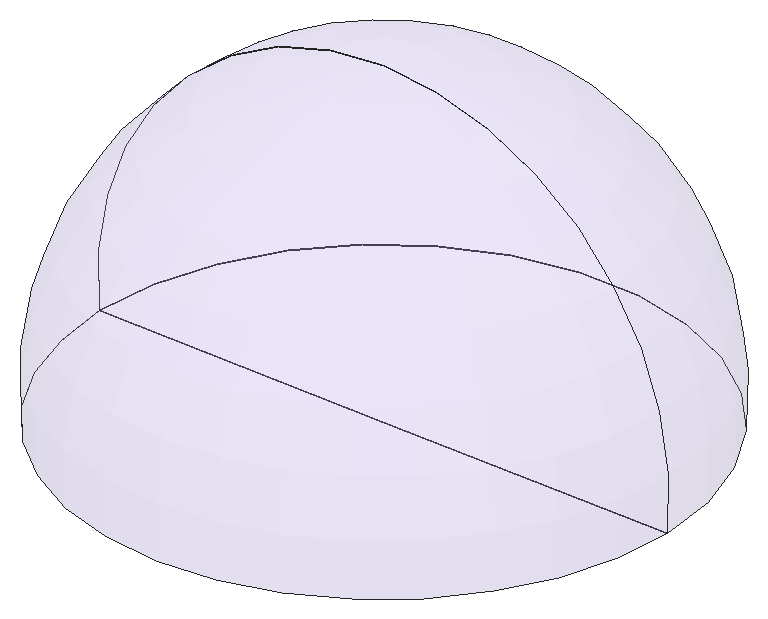
Revit family
Parameters
  반지름 [instance] = 4250 mm
  매스 재료 [instance] = 기본 매스
  높이 [instance] = 4750 mm
  Default Elevation = 1219.2 mm
Reference planes
  plane 1 "중심(앞/뒤)": y = 12.955
  plane 2: z = 0
  plane 3 "중심(왼쪽/오른쪽)": x = -30.261
  plane 4: z = 500
  plane 5: z = 4750
  plane 6: y = 4262.955
  plane 7: x = -4280.261
  plane 8: y = -4237.045
  plane 9: x = 4219.739
Forms (mm)
  Revolve 1, solid, material "기본 매스" <- "매스 재료"
    sketch origin (0, 12.955, 0) x (1, 0, 0) y (0, 0, 1)
      loop
        line (-30.261, 0) -> (-30.261, 4750)
        arc (-30.261, 4750) -> (-3207.327, 3322.897) -> (-4250.747, 0) r 4250
        line (-4250.747, 0) -> (-30.261, 0)
      axis (-30.261, 0) -> (-30.261, 4750)
    angle from 0 to 360
Dimensions and locks
  "반지름": plane 5 to plane 4
  "반지름": plane 6 to plane 1 "중심(앞/뒤)"
  "반지름": plane 3 "중심(왼쪽/오른쪽)" to plane 9
  "반지름": plane 7 to plane 3 "중심(왼쪽/오른쪽)"
  "반지름": plane 8 to plane 1 "중심(앞/뒤)"
  "높이": plane 5 to plane 2
  locked: plane 2 to level
  "반지름": radius of Revolve 1 sketch curve
  aligned and locked: plane 5 to Revolve 1 sketch curve
  aligned and locked: plane 2 to Revolve 1 sketch curve
Automatic sketch dimensions
  Revolve 1 sketch curve to plane 3 "중심(왼쪽/오른쪽)" = 0 mm  (x2)
  Revolve 1 sketch curve to Revolve 1 sketch curve = 387.105 mm
  Revolve 1 sketch curve to Revolve 1 sketch curve = 1300 mm
